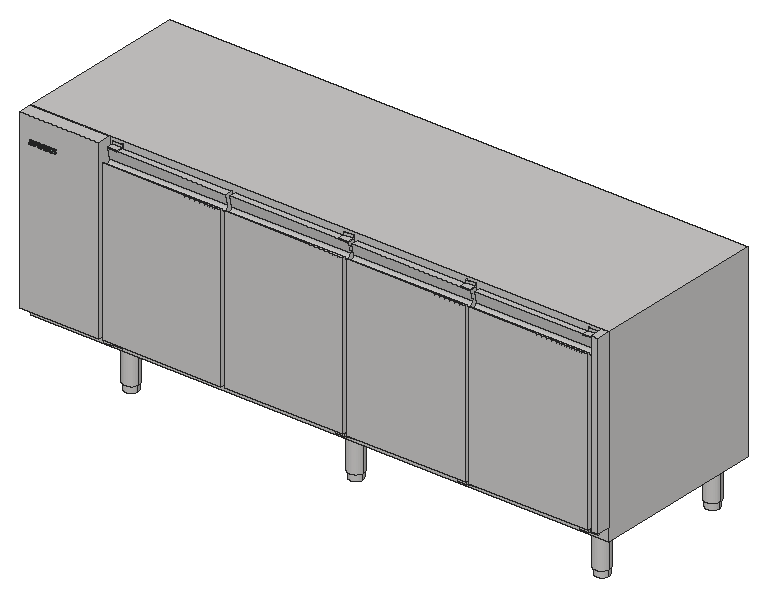
Revit family "QF_ALPENINOX_721080_AK4R7AAAA", category Attrezzature speciali, Revit 2018 (continued)
Definition of nested family "HPC_APX_BI_TN_L"
  Lines and regions (mm)
    Split face 120
      outline origin (110, -951.3, 50) x (1, 0, 0) y (0, 1, 0)
        loop
          line (-218.464, 599.474) -> (-176.464, 599.474)
          arc (-176.464, 599.474) -> (-172.464, 603.474) -> (-176.464, 607.474) r 4
          line (-176.464, 607.474) -> (-218.464, 607.474)
    Split face 121
      outline origin (220, -951.3, 50) x (1, 0, 0) y (0, 1, 0)
        loop
          arc (-273.464, 607.474) -> (-277.464, 603.474) -> (-273.464, 599.474) r 4
          line (-273.464, 599.474) -> (-231.464, 599.474)
          arc (-231.464, 599.474) -> (-227.464, 603.474) -> (-231.464, 607.474) r 4
          line (-231.464, 607.474) -> (-273.464, 607.474)
    Split face 122
      outline origin (0, -975.3, 50) x (1, 0, 0) y (0, 1, 0)
        loop
          arc (-163.464, 619.474) -> (-167.464, 615.474) -> (-163.464, 611.474) r 4
          line (-163.464, 611.474) -> (-121.464, 611.474)
          arc (-121.464, 611.474) -> (-117.464, 615.474) -> (-121.464, 619.474) r 4
          line (-121.464, 619.474) -> (-163.464, 619.474)
    Split face 123
      outline origin (330, -975.3, 50) x (1, 0, 0) y (0, 1, 0)
        loop
          arc (-328.464, 619.474) -> (-332.464, 615.474) -> (-328.464, 611.474) r 4
          line (-328.464, 611.474) -> (-286.464, 611.474)
          arc (-286.464, 611.474) -> (-282.464, 615.474) -> (-286.464, 619.474) r 4
          line (-286.464, 619.474) -> (-328.464, 619.474)
    Split face 124
      outline origin (110, -975.3, 50) x (1, 0, 0) y (0, 1, 0)
        loop
          arc (-218.464, 619.474) -> (-222.464, 615.474) -> (-218.464, 611.474) r 4
          line (-218.464, 611.474) -> (-176.464, 611.474)
          arc (-176.464, 611.474) -> (-172.464, 615.474) -> (-176.464, 619.474) r 4
          line (-176.464, 619.474) -> (-218.464, 619.474)
    Split face 125
      outline origin (220, -975.3, 50) x (1, 0, 0) y (0, 1, 0)
        loop
          arc (-273.464, 619.474) -> (-277.464, 615.474) -> (-273.464, 611.474) r 4
          line (-273.464, 611.474) -> (-231.464, 611.474)
          arc (-231.464, 611.474) -> (-227.464, 615.474) -> (-231.464, 619.474) r 4
          line (-231.464, 619.474) -> (-273.464, 619.474)
    Split face 126
      outline origin (0, -999.3, 50) x (1, 0, 0) y (0, 1, 0)
        loop
          arc (-163.464, 631.474) -> (-167.464, 627.474) -> (-163.464, 623.474) r 4
          line (-163.464, 623.474) -> (-121.464, 623.474)
          arc (-121.464, 623.474) -> (-117.464, 627.474) -> (-121.464, 631.474) r 4
          line (-121.464, 631.474) -> (-163.464, 631.474)
    Split face 127
      outline origin (330, -999.3, 50) x (1, 0, 0) y (0, 1, 0)
        loop
          arc (-328.464, 631.474) -> (-332.464, 627.474) -> (-328.464, 623.474) r 4
          line (-328.464, 623.474) -> (-286.464, 623.474)
          arc (-286.464, 623.474) -> (-282.464, 627.474) -> (-286.464, 631.474) r 4
          line (-286.464, 631.474) -> (-328.464, 631.474)
    Split face 128
      outline origin (110, -999.3, 50) x (1, 0, 0) y (0, 1, 0)
        loop
          arc (-218.464, 631.474) -> (-222.464, 627.474) -> (-218.464, 623.474) r 4
          line (-218.464, 623.474) -> (-176.464, 623.474)
          arc (-176.464, 623.474) -> (-172.464, 627.474) -> (-176.464, 631.474) r 4
          line (-176.464, 631.474) -> (-218.464, 631.474)
    Split face 129
      outline origin (220, -999.3, 50) x (1, 0, 0) y (0, 1, 0)
        loop
          arc (-273.464, 631.474) -> (-277.464, 627.474) -> (-273.464, 623.474) r 4
          line (-273.464, 623.474) -> (-231.464, 623.474)
          arc (-231.464, 623.474) -> (-227.464, 627.474) -> (-231.464, 631.474) r 4
          line (-231.464, 631.474) -> (-273.464, 631.474)
    Split face 130
      outline origin (0, -1023.3, 50) x (1, 0, 0) y (0, 1, 0)
        loop
          arc (-163.464, 643.474) -> (-167.464, 639.474) -> (-163.464, 635.474) r 4
          line (-163.464, 635.474) -> (-121.464, 635.474)
          arc (-121.464, 635.474) -> (-117.464, 639.474) -> (-121.464, 643.474) r 4
          line (-121.464, 643.474) -> (-163.464, 643.474)
    Split face 131
      outline origin (330, -1023.3, 50) x (1, 0, 0) y (0, 1, 0)
        loop
          arc (-328.464, 643.474) -> (-332.464, 639.474) -> (-328.464, 635.474) r 4
          line (-328.464, 635.474) -> (-286.464, 635.474)
          arc (-286.464, 635.474) -> (-282.464, 639.474) -> (-286.464, 643.474) r 4
          line (-286.464, 643.474) -> (-328.464, 643.474)
    Split face 132
      outline origin (110, -1023.3, 50) x (1, 0, 0) y (0, 1, 0)
        loop
          arc (-218.464, 643.474) -> (-222.464, 639.474) -> (-218.464, 635.474) r 4
          line (-218.464, 635.474) -> (-176.464, 635.474)
          arc (-176.464, 635.474) -> (-172.464, 639.474) -> (-176.464, 643.474) r 4
          line (-176.464, 643.474) -> (-218.464, 643.474)
    Split face 133
      outline origin (220, -1023.3, 50) x (1, 0, 0) y (0, 1, 0)
        loop
          arc (-273.464, 643.474) -> (-277.464, 639.474) -> (-273.464, 635.474) r 4
          line (-273.464, 635.474) -> (-231.464, 635.474)
          arc (-231.464, 635.474) -> (-227.464, 639.474) -> (-231.464, 643.474) r 4
          line (-231.464, 643.474) -> (-273.464, 643.474)
    symbolic lines
      curve 1: line (87.08, -74, 50) -> (87.08, -74, 0)
  Dimensions and locks
    equal spacing: plane 6, plane 1 "Center (Front/Back)", plane 7
    equal spacing: plane 4, plane 3 "Center (Left/Right)", plane 5
    aligned and locked: plane 2 to Extrusion 1
    aligned and locked: level to Extrusion 1
  Automatic sketch dimensions
    Split face 5 sketch curve to Split face 5 sketch curve = 42 mm
    Split face 5 sketch curve to Split face 5 sketch curve = 4 mm
    Split face 6 sketch curve to Split face 6 sketch curve = 42 mm
    Split face 6 sketch curve to Split face 6 sketch curve = 4 mm
    Split face 7 sketch curve to Split face 7 sketch curve = 42 mm
    Split face 7 sketch curve to Split face 7 sketch curve = 4 mm
    Split face 8 sketch curve to Split face 8 sketch curve = 42 mm
    Split face 8 sketch curve to Split face 8 sketch curve = 4 mm
    Split face 9 sketch curve to Split face 9 sketch curve = 42 mm
    Split face 9 sketch curve to Split face 9 sketch curve = 4 mm
    Split face 10 sketch curve to Split face 10 sketch curve = 42 mm
    Split face 10 sketch curve to Split face 10 sketch curve = 4 mm
    Split face 11 sketch curve to Split face 11 sketch curve = 42 mm
    Split face 11 sketch curve to Split face 11 sketch curve = 4 mm
    Split face 12 sketch curve to Split face 12 sketch curve = 42 mm
    Split face 12 sketch curve to Split face 12 sketch curve = 4 mm
    Split face 13 sketch curve to Split face 13 sketch curve = 42 mm
    Split face 13 sketch curve to Split face 13 sketch curve = 4 mm
    Split face 14 sketch curve to Split face 14 sketch curve = 42 mm
    Split face 14 sketch curve to Split face 14 sketch curve = 4 mm
    Split face 15 sketch curve to Split face 15 sketch curve = 42 mm
    Split face 15 sketch curve to Split face 15 sketch curve = 4 mm
    Split face 16 sketch curve to Split face 16 sketch curve = 42 mm
    Split face 16 sketch curve to Split face 16 sketch curve = 4 mm
    Split face 17 sketch curve to Split face 17 sketch curve = 42 mm
    Split face 17 sketch curve to Split face 17 sketch curve = 4 mm
    Split face 18 sketch curve to Split face 18 sketch curve = 42 mm
    Split face 18 sketch curve to Split face 18 sketch curve = 4 mm
    Split face 19 sketch curve to Split face 19 sketch curve = 42 mm
    Split face 19 sketch curve to Split face 19 sketch curve = 4 mm
    Split face 20 sketch curve to Split face 20 sketch curve = 42 mm
    Split face 20 sketch curve to Split face 20 sketch curve = 4 mm
    Split face 21 sketch curve to Split face 21 sketch curve = 42 mm
    Split face 21 sketch curve to Split face 21 sketch curve = 4 mm
    Split face 22 sketch curve to Split face 22 sketch curve = 42 mm
    Split face 22 sketch curve to Split face 22 sketch curve = 4 mm
    Split face 23 sketch curve to Split face 23 sketch curve = 42 mm
    Split face 23 sketch curve to Split face 23 sketch curve = 4 mm
    Split face 24 sketch curve to Split face 24 sketch curve = 42 mm
    Split face 24 sketch curve to Split face 24 sketch curve = 4 mm
    Split face 25 sketch curve to Split face 25 sketch curve = 42 mm
    Split face 25 sketch curve to Split face 25 sketch curve = 4 mm
    Split face 26 sketch curve to Split face 26 sketch curve = 42 mm
    Split face 26 sketch curve to Split face 26 sketch curve = 4 mm
    Split face 27 sketch curve to Split face 27 sketch curve = 42 mm
    Split face 27 sketch curve to Split face 27 sketch curve = 4 mm
    Split face 28 sketch curve to Split face 28 sketch curve = 42 mm
    Split face 28 sketch curve to Split face 28 sketch curve = 4 mm
    Split face 29 sketch curve to Split face 29 sketch curve = 42 mm
    Split face 29 sketch curve to Split face 29 sketch curve = 4 mm
    Split face 30 sketch curve to Split face 30 sketch curve = 42 mm
    Split face 30 sketch curve to Split face 30 sketch curve = 4 mm
    Split face 31 sketch curve to Split face 31 sketch curve = 42 mm
    Split face 31 sketch curve to Split face 31 sketch curve = 4 mm
    Split face 32 sketch curve to Split face 32 sketch curve = 42 mm
    Split face 32 sketch curve to Split face 32 sketch curve = 4 mm
    Split face 33 sketch curve to Split face 33 sketch curve = 42 mm
    Split face 33 sketch curve to Split face 33 sketch curve = 4 mm
    Split face 34 sketch curve to Split face 34 sketch curve = 42 mm
    Split face 34 sketch curve to Split face 34 sketch curve = 4 mm
    Split face 35 sketch curve to Split face 35 sketch curve = 42 mm
    Split face 35 sketch curve to Split face 35 sketch curve = 4 mm
    Split face 36 sketch curve to Split face 36 sketch curve = 42 mm
    Split face 36 sketch curve to Split face 36 sketch curve = 4 mm
    Split face 37 sketch curve to Split face 37 sketch curve = 42 mm
    Split face 37 sketch curve to Split face 37 sketch curve = 4 mm
    Split face 38 sketch curve to Split face 38 sketch curve = 42 mm
    Split face 38 sketch curve to Split face 38 sketch curve = 4 mm
    Split face 39 sketch curve to Split face 39 sketch curve = 42 mm
    Split face 39 sketch curve to Split face 39 sketch curve = 4 mm
    Split face 40 sketch curve to Split face 40 sketch curve = 42 mm
    Split face 40 sketch curve to Split face 40 sketch curve = 4 mm
    Split face 41 sketch curve to Split face 41 sketch curve = 42 mm
    Split face 41 sketch curve to Split face 41 sketch curve = 4 mm
    Split face 42 sketch curve to Split face 42 sketch curve = 42 mm
    Split face 42 sketch curve to Split face 42 sketch curve = 4 mm
    Split face 43 sketch curve to Split face 43 sketch curve = 42 mm
    Split face 43 sketch curve to Split face 43 sketch curve = 4 mm
    Split face 44 sketch curve to Split face 44 sketch curve = 42 mm
    Split face 44 sketch curve to Split face 44 sketch curve = 4 mm
    Split face 45 sketch curve to Split face 45 sketch curve = 42 mm
    Split face 45 sketch curve to Split face 45 sketch curve = 4 mm
    Split face 46 sketch curve to Split face 46 sketch curve = 42 mm
    Split face 46 sketch curve to Split face 46 sketch curve = 4 mm
    Split face 47 sketch curve to Split face 47 sketch curve = 42 mm
    Split face 47 sketch curve to Split face 47 sketch curve = 4 mm
    Split face 48 sketch curve to Split face 48 sketch curve = 42 mm
    Split face 48 sketch curve to Split face 48 sketch curve = 4 mm
    Split face 49 sketch curve to Split face 49 sketch curve = 42 mm
    Split face 49 sketch curve to Split face 49 sketch curve = 4 mm
    Split face 50 sketch curve to Split face 50 sketch curve = 42 mm
    Split face 50 sketch curve to Split face 50 sketch curve = 4 mm
    Split face 51 sketch curve to Split face 51 sketch curve = 42 mm
    Split face 51 sketch curve to Split face 51 sketch curve = 4 mm
    Split face 52 sketch curve to Split face 52 sketch curve = 42 mm
    Split face 52 sketch curve to Split face 52 sketch curve = 4 mm
    Split face 53 sketch curve to Split face 53 sketch curve = 42 mm
    Split face 53 sketch curve to Split face 53 sketch curve = 4 mm
    Split face 54 sketch curve to Split face 54 sketch curve = 42 mm
    Split face 54 sketch curve to Split face 54 sketch curve = 4 mm
    Split face 55 sketch curve to Split face 55 sketch curve = 42 mm
    Split face 55 sketch curve to Split face 55 sketch curve = 4 mm
    Split face 56 sketch curve to Split face 56 sketch curve = 42 mm
    Split face 56 sketch curve to Split face 56 sketch curve = 4 mm
    Split face 57 sketch curve to Split face 57 sketch curve = 42 mm
    Split face 57 sketch curve to Split face 57 sketch curve = 4 mm
    Split face 58 sketch curve to Split face 58 sketch curve = 42 mm
    Split face 58 sketch curve to Split face 58 sketch curve = 4 mm
    Split face 59 sketch curve to Split face 59 sketch curve = 42 mm
    Split face 59 sketch curve to Split face 59 sketch curve = 4 mm
    Split face 60 sketch curve to Split face 60 sketch curve = 42 mm
    Split face 60 sketch curve to Split face 60 sketch curve = 4 mm
    Split face 61 sketch curve to Split face 61 sketch curve = 42 mm
    Split face 61 sketch curve to Split face 61 sketch curve = 4 mm
    Split face 62 sketch curve to Split face 62 sketch curve = 42 mm
    Split face 62 sketch curve to Split face 62 sketch curve = 4 mm
    Split face 63 sketch curve to Split face 63 sketch curve = 42 mm
    Split face 63 sketch curve to Split face 63 sketch curve = 4 mm
    Split face 64 sketch curve to Split face 64 sketch curve = 42 mm
    Split face 64 sketch curve to Split face 64 sketch curve = 4 mm
    Split face 65 sketch curve to Split face 65 sketch curve = 42 mm
    Split face 65 sketch curve to Split face 65 sketch curve = 4 mm
    Split face 66 sketch curve to Split face 66 sketch curve = 42 mm
    Split face 66 sketch curve to Split face 66 sketch curve = 4 mm
    Split face 67 sketch curve to Split face 67 sketch curve = 42 mm
    Split face 67 sketch curve to Split face 67 sketch curve = 4 mm
    Split face 68 sketch curve to Split face 68 sketch curve = 42 mm
    Split face 68 sketch curve to Split face 68 sketch curve = 4 mm
    Split face 70 sketch curve to Split face 70 sketch curve = 42 mm
    Split face 70 sketch curve to Split face 70 sketch curve = 4 mm
    Split face 71 sketch curve to Split face 71 sketch curve = 42 mm
    Split face 71 sketch curve to Split face 71 sketch curve = 4 mm
    Split face 72 sketch curve to Split face 72 sketch curve = 42 mm
    Split face 72 sketch curve to Split face 72 sketch curve = 4 mm
    Split face 73 sketch curve to Split face 73 sketch curve = 42 mm
    Split face 73 sketch curve to Split face 73 sketch curve = 4 mm
    Split face 74 sketch curve to Split face 74 sketch curve = 42 mm
    Split face 74 sketch curve to Split face 74 sketch curve = 4 mm
    Split face 75 sketch curve to Split face 75 sketch curve = 42 mm
    Split face 75 sketch curve to Split face 75 sketch curve = 4 mm
    Split face 76 sketch curve to Split face 76 sketch curve = 42 mm
    Split face 76 sketch curve to Split face 76 sketch curve = 4 mm
    Split face 77 sketch curve to Split face 77 sketch curve = 42 mm
    Split face 77 sketch curve to Split face 77 sketch curve = 4 mm
    Split face 78 sketch curve to Split face 78 sketch curve = 42 mm
    Split face 78 sketch curve to Split face 78 sketch curve = 4 mm
    Split face 79 sketch curve to Split face 79 sketch curve = 42 mm
    Split face 79 sketch curve to Split face 79 sketch curve = 4 mm
    Split face 80 sketch curve to Split face 80 sketch curve = 42 mm
    Split face 80 sketch curve to Split face 80 sketch curve = 4 mm
    Split face 81 sketch curve to Split face 81 sketch curve = 42 mm
    Split face 81 sketch curve to Split face 81 sketch curve = 4 mm
    Split face 82 sketch curve to Split face 82 sketch curve = 42 mm
    Split face 82 sketch curve to Split face 82 sketch curve = 4 mm
    Split face 83 sketch curve to Split face 83 sketch curve = 42 mm
    Split face 83 sketch curve to Split face 83 sketch curve = 4 mm
    Split face 84 sketch curve to Split face 84 sketch curve = 42 mm
    Split face 84 sketch curve to Split face 84 sketch curve = 4 mm
    Split face 85 sketch curve to Split face 85 sketch curve = 42 mm
    Split face 85 sketch curve to Split face 85 sketch curve = 4 mm
    Split face 86 sketch curve to Split face 86 sketch curve = 42 mm
    Split face 86 sketch curve to Split face 86 sketch curve = 4 mm
    Split face 87 sketch curve to Split face 87 sketch curve = 42 mm
    Split face 87 sketch curve to Split face 87 sketch curve = 4 mm
    Split face 88 sketch curve to Split face 88 sketch curve = 42 mm
    Split face 88 sketch curve to Split face 88 sketch curve = 4 mm
    Split face 89 sketch curve to Split face 89 sketch curve = 42 mm
    Split face 89 sketch curve to Split face 89 sketch curve = 4 mm
    Split face 90 sketch curve to Split face 90 sketch curve = 42 mm
    Split face 90 sketch curve to Split face 90 sketch curve = 4 mm
    Split face 91 sketch curve to Split face 91 sketch curve = 42 mm
    Split face 91 sketch curve to Split face 91 sketch curve = 4 mm
    Split face 92 sketch curve to Split face 92 sketch curve = 42 mm
    Split face 92 sketch curve to Split face 92 sketch curve = 4 mm
    Split face 93 sketch curve to Split face 93 sketch curve = 42 mm
    Split face 93 sketch curve to Split face 93 sketch curve = 4 mm
    Split face 94 sketch curve to Split face 94 sketch curve = 42 mm
    Split face 94 sketch curve to Split face 94 sketch curve = 4 mm
    Split face 95 sketch curve to Split face 95 sketch curve = 42 mm
    Split face 95 sketch curve to Split face 95 sketch curve = 4 mm
    Split face 96 sketch curve to Split face 96 sketch curve = 42 mm
    Split face 96 sketch curve to Split face 96 sketch curve = 4 mm
    Split face 97 sketch curve to Split face 97 sketch curve = 42 mm
    Split face 97 sketch curve to Split face 97 sketch curve = 4 mm
    Split face 98 sketch curve to Split face 98 sketch curve = 42 mm
    Split face 98 sketch curve to Split face 98 sketch curve = 4 mm
    Split face 99 sketch curve to Split face 99 sketch curve = 42 mm
    Split face 99 sketch curve to Split face 99 sketch curve = 4 mm
    Split face 100 sketch curve to Split face 100 sketch curve = 42 mm
    Split face 100 sketch curve to Split face 100 sketch curve = 4 mm
    Split face 101 sketch curve to Split face 101 sketch curve = 42 mm
    Split face 101 sketch curve to Split face 101 sketch curve = 4 mm
    Split face 102 sketch curve to Split face 102 sketch curve = 42 mm
    Split face 102 sketch curve to Split face 102 sketch curve = 4 mm
    Split face 103 sketch curve to Split face 103 sketch curve = 42 mm
    Split face 103 sketch curve to Split face 103 sketch curve = 4 mm
    Split face 104 sketch curve to Split face 104 sketch curve = 42 mm
    Split face 104 sketch curve to Split face 104 sketch curve = 4 mm
    Split face 105 sketch curve to Split face 105 sketch curve = 42 mm
    Split face 105 sketch curve to Split face 105 sketch curve = 4 mm
    Split face 106 sketch curve to Split face 106 sketch curve = 42 mm
    Split face 106 sketch curve to Split face 106 sketch curve = 4 mm
    Split face 107 sketch curve to Split face 107 sketch curve = 42 mm
    Split face 107 sketch curve to Split face 107 sketch curve = 4 mm
    Split face 108 sketch curve to Split face 108 sketch curve = 42 mm
    Split face 108 sketch curve to Split face 108 sketch curve = 4 mm
    Split face 109 sketch curve to Split face 109 sketch curve = 42 mm
    Split face 109 sketch curve to Split face 109 sketch curve = 4 mm
    Split face 110 sketch curve to Split face 110 sketch curve = 42 mm
    Split face 110 sketch curve to Split face 110 sketch curve = 4 mm
    Split face 111 sketch curve to Split face 111 sketch curve = 42 mm
    Split face 111 sketch curve to Split face 111 sketch curve = 4 mm
    Split face 112 sketch curve to Split face 112 sketch curve = 42 mm
    Split face 112 sketch curve to Split face 112 sketch curve = 4 mm
    Split face 113 sketch curve to Split face 113 sketch curve = 42 mm
    Split face 113 sketch curve to Split face 113 sketch curve = 4 mm
    Split face 114 sketch curve to Split face 114 sketch curve = 42 mm
    Split face 114 sketch curve to Split face 114 sketch curve = 4 mm
    Split face 115 sketch curve to Split face 115 sketch curve = 42 mm
    Split face 115 sketch curve to Split face 115 sketch curve = 4 mm
    Split face 116 sketch curve to Split face 116 sketch curve = 42 mm
    Split face 116 sketch curve to Split face 116 sketch curve = 4 mm
    Split face 117 sketch curve to Split face 117 sketch curve = 42 mm
    Split face 117 sketch curve to Split face 117 sketch curve = 4 mm
    Split face 118 sketch curve to Split face 118 sketch curve = 42 mm
    Split face 118 sketch curve to Split face 118 sketch curve = 4 mm
    Split face 119 sketch curve to Split face 119 sketch curve = 42 mm
    Split face 119 sketch curve to Split face 119 sketch curve = 4 mm
    Split face 120 sketch curve to Split face 120 sketch curve = 42 mm
    Split face 120 sketch curve to Split face 120 sketch curve = 4 mm
    Split face 121 sketch curve to Split face 121 sketch curve = 42 mm
    Split face 121 sketch curve to Split face 121 sketch curve = 4 mm
    Split face 122 sketch curve to Split face 122 sketch curve = 42 mm
    Split face 122 sketch curve to Split face 122 sketch curve = 4 mm
    Split face 123 sketch curve to Split face 123 sketch curve = 42 mm
    Split face 123 sketch curve to Split face 123 sketch curve = 4 mm
    Split face 124 sketch curve to Split face 124 sketch curve = 42 mm
    Split face 124 sketch curve to Split face 124 sketch curve = 4 mm
    Split face 125 sketch curve to Split face 125 sketch curve = 42 mm
    Split face 125 sketch curve to Split face 125 sketch curve = 4 mm
    Split face 126 sketch curve to Split face 126 sketch curve = 42 mm
    Split face 126 sketch curve to Split face 126 sketch curve = 4 mm
    Split face 127 sketch curve to Split face 127 sketch curve = 42 mm
    Split face 127 sketch curve to Split face 127 sketch curve = 4 mm
    Split face 128 sketch curve to Split face 128 sketch curve = 42 mm
    Split face 128 sketch curve to Split face 128 sketch curve = 4 mm
    Split face 129 sketch curve to Split face 129 sketch curve = 42 mm
    Split face 129 sketch curve to Split face 129 sketch curve = 4 mm
    Split face 130 sketch curve to Split face 130 sketch curve = 42 mm
    Split face 130 sketch curve to Split face 130 sketch curve = 4 mm
    Split face 131 sketch curve to Split face 131 sketch curve = 42 mm
    Split face 131 sketch curve to Split face 131 sketch curve = 4 mm
    Split face 132 sketch curve to Split face 132 sketch curve = 42 mm
    Split face 132 sketch curve to Split face 132 sketch curve = 4 mm
    Split face 133 sketch curve to Split face 133 sketch curve = 42 mm
    Split face 133 sketch curve to Split face 133 sketch curve = 4 mm
    Extrusion 1 sketch curve to Extrusion 1 sketch curve = 2438.4 mm  (x2)
    Extrusion 2 sketch curve to plane 4 = 0 mm
    Extrusion 2 sketch curve to plane 5 = 0 mm
    Extrusion 2 sketch curve to plane 7 = 0 mm
    Extrusion 2 sketch curve to plane 6 = 0 mm
    Split face 1 sketch curve to Extrusion 2 = 0 mm  (x2)
    Split face 1 sketch curve to Extrusion 2 = 34 mm
    Split face 1 sketch curve to Extrusion 2 = 104 mm
    Split face 1 sketch curve to Split face 1 sketch curve = 17.5 mm
    Split face 2 sketch curve to Extrusion 2 = 130.5 mm
    Split face 2 sketch curve to Extrusion 2 = 60.5 mm
    Split face 2 sketch curve to Extrusion 2 = 98 mm
    Split face 2 sketch curve to Split face 2 sketch curve = 23 mm
    Split face 3 sketch curve to Extrusion 2 = 80.5 mm
    Split face 3 sketch curve to Split face 3 sketch curve = 17 mm  (x2)
    Split face 3 sketch curve to Extrusion 2 = 95 mm
    plane 4 to Extrusion 3 sketch curve = 34.51 mm
    Extrusion 3 sketch curve to Extrusion 3 sketch curve = 1.266 mm
    Extrusion 3 sketch curve to Extrusion 3 sketch curve = 1.307 mm
    Extrusion 3 sketch curve to Extrusion 3 sketch curve = 0.57 mm
    Extrusion 3 sketch curve to Extrusion 3 sketch curve = 0.593 mm
    Extrusion 3 sketch curve to Extrusion 3 sketch curve = 0.799 mm
    Extrusion 3 sketch curve to Extrusion 3 sketch curve = 1.99 mm  (x2)
    Extrusion 3 sketch curve to Extrusion 3 sketch curve = 0.003 mm
    Extrusion 3 sketch curve to Extrusion 3 sketch curve = 3.534 mm
    Extrusion 3 sketch curve to Extrusion 3 sketch curve = 0.835 mm
    Extrusion 3 sketch curve to Extrusion 3 sketch curve = 0.56 mm
    Extrusion 3 sketch curve to Extrusion 3 sketch curve = 1.268 mm
    Extrusion 3 sketch curve to Extrusion 3 sketch curve = 1.223 mm
    Extrusion 3 sketch curve to Extrusion 3 sketch curve = 1.344 mm
    Extrusion 3 sketch curve to Extrusion 3 sketch curve = 1.394 mm  (x2)
    Extrusion 3 sketch curve to Extrusion 3 sketch curve = 1.512 mm
    Extrusion 3 sketch curve to Extrusion 3 sketch curve = 3.309 mm
    Extrusion 3 sketch curve to Extrusion 3 sketch curve = 5.841 mm
    Extrusion 3 sketch curve to Extrusion 3 sketch curve = 1.393 mm
    Extrusion 3 sketch curve to Extrusion 3 sketch curve = 1.439 mm
    Extrusion 3 sketch curve to Extrusion 3 sketch curve = 0 mm  (x19)
    Extrusion 3 sketch curve to Extrusion 3 sketch curve = 1.902 mm
    Extrusion 3 sketch curve to Extrusion 3 sketch curve = 0.052 mm
    Extrusion 3 sketch curve to Extrusion 3 sketch curve = 2.065 mm
    Extrusion 3 sketch curve to Extrusion 3 sketch curve = 0.647 mm
    Extrusion 3 sketch curve to Extrusion 3 sketch curve = 8.079 mm
    Extrusion 3 sketch curve to Extrusion 3 sketch curve = 0.073 mm
    Extrusion 3 sketch curve to Extrusion 3 sketch curve = 2.145 mm
    Extrusion 3 sketch curve to Extrusion 3 sketch curve = 2.931 mm
    Extrusion 3 sketch curve to Extrusion 3 sketch curve = 0.213 mm
    Extrusion 3 sketch curve to Extrusion 3 sketch curve = 0.026 mm
    Extrusion 3 sketch curve to Extrusion 3 sketch curve = 0.263 mm
    Extrusion 3 sketch curve to Extrusion 3 sketch curve = 0.516 mm
    Extrusion 3 sketch curve to Extrusion 3 sketch curve = 0.356 mm
    Extrusion 3 sketch curve to Extrusion 3 sketch curve = 0.387 mm
    Extrusion 3 sketch curve to Extrusion 3 sketch curve = 2.378 mm
    Extrusion 3 sketch curve to Extrusion 3 sketch curve = 2.466 mm
    Extrusion 3 sketch curve to Extrusion 3 sketch curve = 0.602 mm
    Extrusion 3 sketch curve to Extrusion 3 sketch curve = 1.02 mm
    Extrusion 3 sketch curve to Extrusion 3 sketch curve = 0.949 mm
    Extrusion 3 sketch curve to Extrusion 3 sketch curve = 1.728 mm
    Extrusion 3 sketch curve to Extrusion 3 sketch curve = 0.157 mm  (x2)
    Extrusion 3 sketch curve to Extrusion 3 sketch curve = 0.292 mm
    Extrusion 3 sketch curve to Extrusion 3 sketch curve = 3.565 mm
    Extrusion 3 sketch curve to Extrusion 3 sketch curve = 1.396 mm  (x2)
    Extrusion 3 sketch curve to Extrusion 3 sketch curve = 1.418 mm  (x2)
    Extrusion 3 sketch curve to Extrusion 3 sketch curve = 1.151 mm  (x2)
    Extrusion 3 sketch curve to Extrusion 3 sketch curve = 5.709 mm  (x2)
    Extrusion 3 sketch curve to Extrusion 3 sketch curve = 0.224 mm  (x2)
    Extrusion 3 sketch curve to Extrusion 3 sketch curve = 1.149 mm  (x2)
    Extrusion 3 sketch curve to Extrusion 3 sketch curve = 1.395 mm  (x2)
    Extrusion 3 sketch curve to Extrusion 3 sketch curve = 1.744 mm
    Extrusion 3 sketch curve to Extrusion 3 sketch curve = 1.745 mm
    Extrusion 3 sketch curve to Extrusion 3 sketch curve = 6.963 mm
    Extrusion 3 sketch curve to Extrusion 3 sketch curve = 0.493 mm  (x3)
    Extrusion 3 sketch curve to Extrusion 3 sketch curve = 0.273 mm  (x2)
    Extrusion 3 sketch curve to Extrusion 3 sketch curve = 0.021 mm  (x2)
    Extrusion 3 sketch curve to Extrusion 3 sketch curve = 0.226 mm  (x2)
    Extrusion 3 sketch curve to Extrusion 3 sketch curve = 0.268 mm  (x2)
    Extrusion 3 sketch curve to Extrusion 3 sketch curve = 0.294 mm
    Extrusion 3 sketch curve to Extrusion 3 sketch curve = 5.238 mm
    Extrusion 3 sketch curve to Extrusion 3 sketch curve = 5.908 mm
    Extrusion 3 sketch curve to Extrusion 3 sketch curve = 1.109 mm  (x2)
    Extrusion 3 sketch curve to Extrusion 3 sketch curve = 1.108 mm  (x2)
    Extrusion 3 sketch curve to Extrusion 3 sketch curve = 1.142 mm  (x2)
    Extrusion 3 sketch curve to Extrusion 3 sketch curve = 1.216 mm  (x2)
    Extrusion 3 sketch curve to Extrusion 3 sketch curve = 3.013 mm
    Extrusion 3 sketch curve to Extrusion 3 sketch curve = 1.616 mm  (x3)
    Extrusion 3 sketch curve to Extrusion 3 sketch curve = 2.305 mm
    Extrusion 3 sketch curve to Extrusion 3 sketch curve = 3.049 mm
    Extrusion 3 sketch curve to plane 6 = 93.469 mm
    Extrusion 3 sketch curve to Extrusion 3 sketch curve = 0.498 mm
    Extrusion 3 sketch curve to Extrusion 3 sketch curve = 0.682 mm
    Extrusion 3 sketch curve to Extrusion 3 sketch curve = 0.664 mm
    Extrusion 3 sketch curve to Extrusion 3 sketch curve = 0.425 mm
    Extrusion 3 sketch curve to Extrusion 3 sketch curve = 0.41 mm
    Extrusion 3 sketch curve to Extrusion 3 sketch curve = 1.272 mm
    Extrusion 3 sketch curve to Extrusion 3 sketch curve = 0.789 mm  (x2)
    Extrusion 3 sketch curve to Extrusion 3 sketch curve = 0.056 mm
    Extrusion 3 sketch curve to Extrusion 3 sketch curve = 0.83 mm
    Extrusion 3 sketch curve to Extrusion 3 sketch curve = 1.238 mm
    Extrusion 3 sketch curve to Extrusion 3 sketch curve = 1.732 mm
    Extrusion 3 sketch curve to Extrusion 3 sketch curve = 0.346 mm
    Extrusion 3 sketch curve to Extrusion 3 sketch curve = 1.123 mm
    Extrusion 3 sketch curve to Extrusion 3 sketch curve = 3.023 mm
    Extrusion 3 sketch curve to Extrusion 3 sketch curve = 4.203 mm
    Extrusion 3 sketch curve to Extrusion 3 sketch curve = 3.452 mm  (x2)
    Extrusion 3 sketch curve to Extrusion 3 sketch curve = 2.544 mm
    Extrusion 3 sketch curve to Extrusion 3 sketch curve = 1.177 mm
    Extrusion 3 sketch curve to Extrusion 3 sketch curve = 3.261 mm
    Extrusion 3 sketch curve to Extrusion 3 sketch curve = 0.352 mm  (x2)
    Extrusion 3 sketch curve to Extrusion 3 sketch curve = 1.987 mm
    Extrusion 3 sketch curve to Extrusion 3 sketch curve = 0.171 mm
    Extrusion 3 sketch curve to Extrusion 3 sketch curve = 0.533 mm  (x3)
    Extrusion 3 sketch curve to Extrusion 3 sketch curve = 0.14 mm  (x4)
    Extrusion 3 sketch curve to Extrusion 3 sketch curve = 0.473 mm
    Extrusion 3 sketch curve to Extrusion 3 sketch curve = 0.31 mm  (x2)
    Extrusion 3 sketch curve to Extrusion 3 sketch curve = 0.075 mm
    Extrusion 3 sketch curve to Extrusion 3 sketch curve = 2.431 mm
    Extrusion 3 sketch curve to Extrusion 3 sketch curve = 2.32 mm  (x2)
    Extrusion 3 sketch curve to Extrusion 3 sketch curve = 1.992 mm
    Extrusion 3 sketch curve to Extrusion 3 sketch curve = 0.674 mm
    Extrusion 3 sketch curve to Extrusion 3 sketch curve = 0.732 mm
    Extrusion 3 sketch curve to Extrusion 3 sketch curve = 0.388 mm
    Extrusion 3 sketch curve to Extrusion 3 sketch curve = 0.121 mm
    Extrusion 3 sketch curve to Extrusion 3 sketch curve = 2.589 mm
    Extrusion 3 sketch curve to Extrusion 3 sketch curve = 0.662 mm
    Extrusion 3 sketch curve to Extrusion 3 sketch curve = 3.473 mm
    Extrusion 3 sketch curve to Extrusion 3 sketch curve = 0.681 mm
    Extrusion 3 sketch curve to Extrusion 3 sketch curve = 1.615 mm
    Extrusion 3 sketch curve to Extrusion 3 sketch curve = 0.34 mm
    Extrusion 3 sketch curve to Extrusion 3 sketch curve = 2.288 mm
    Extrusion 3 sketch curve to Extrusion 3 sketch curve = 0.942 mm
    Extrusion 3 sketch curve to Extrusion 3 sketch curve = 5.4 mm
    Extrusion 3 sketch curve to Extrusion 3 sketch curve = 1.768 mm  (x2)
    Extrusion 3 sketch curve to Extrusion 3 sketch curve = 0.761 mm
    Extrusion 3 sketch curve to Extrusion 3 sketch curve = 0.996 mm
    Extrusion 3 sketch curve to Extrusion 3 sketch curve = 3.543 mm  (x2)
    Extrusion 3 sketch curve to Extrusion 3 sketch curve = 7.017 mm
    Extrusion 3 sketch curve to Extrusion 3 sketch curve = 0.11 mm
    Extrusion 3 sketch curve to Extrusion 3 sketch curve = 0.823 mm  (x2)
    Extrusion 3 sketch curve to Extrusion 3 sketch curve = 0.947 mm
    Extrusion 3 sketch curve to Extrusion 3 sketch curve = 3.837 mm
    Extrusion 3 sketch curve to Extrusion 3 sketch curve = 0.623 mm
    Extrusion 3 sketch curve to Extrusion 3 sketch curve = 1.082 mm
    Extrusion 3 sketch curve to Extrusion 3 sketch curve = 0.801 mm
    Extrusion 3 sketch curve to Extrusion 3 sketch curve = 1 mm
    Extrusion 3 sketch curve to Extrusion 3 sketch curve = 0.089 mm
    Extrusion 3 sketch curve to Extrusion 3 sketch curve = 4.257 mm
    Extrusion 3 sketch curve to Extrusion 3 sketch curve = 4.345 mm  (x2)
    Extrusion 3 sketch curve to Extrusion 3 sketch curve = 2.576 mm
    Extrusion 3 sketch curve to Extrusion 3 sketch curve = 1.385 mm  (x4)
    Extrusion 3 sketch curve to Extrusion 3 sketch curve = 2.133 mm  (x4)
    Extrusion 3 sketch curve to Extrusion 3 sketch curve = 3.518 mm
    Extrusion 3 sketch curve to Extrusion 3 sketch curve = 5.603 mm
    Extrusion 3 sketch curve to Extrusion 3 sketch curve = 2.571 mm
    Split face 4 sketch curve to Extrusion 2 = 0 mm  (x2)
    Split face 4 sketch curve to Extrusion 2 = 64 mm
    Split face 69 sketch curve to Extrusion 2 = 0 mm  (x2)
    Split face 69 sketch curve to Extrusion 2 = 109 mm
    Split face 5 sketch curve to Extrusion 2 = 43.456 mm
    Split face 5 sketch curve to Extrusion 2 = 128.176 mm
    Split face 6 sketch curve to Extrusion 2 = 85.544 mm
    Split face 6 sketch curve to Extrusion 2 = 128.176 mm
    Split face 7 sketch curve to Extrusion 2 = 98.456 mm
    Split face 7 sketch curve to Extrusion 2 = 128.176 mm
    Split face 8 sketch curve to Extrusion 2 = 140.544 mm
    Split face 8 sketch curve to Extrusion 2 = 128.176 mm
    Split face 9 sketch curve to Extrusion 2 = 43.456 mm
    Split face 9 sketch curve to Extrusion 2 = 140.176 mm
    Split face 10 sketch curve to Extrusion 2 = 85.544 mm
    Split face 10 sketch curve to Extrusion 2 = 140.176 mm
    Split face 11 sketch curve to Extrusion 2 = 98.456 mm
    Split face 11 sketch curve to Extrusion 2 = 140.176 mm
    Split face 12 sketch curve to Extrusion 2 = 140.544 mm
    Split face 12 sketch curve to Extrusion 2 = 140.176 mm
    Split face 13 sketch curve to Extrusion 2 = 43.456 mm
    Split face 13 sketch curve to Extrusion 2 = 152.176 mm
    Split face 14 sketch curve to Extrusion 2 = 85.544 mm
    Split face 14 sketch curve to Extrusion 2 = 152.176 mm
    Split face 15 sketch curve to Extrusion 2 = 98.456 mm
    Split face 15 sketch curve to Extrusion 2 = 152.176 mm
    Split face 16 sketch curve to Extrusion 2 = 140.544 mm
    Split face 16 sketch curve to Extrusion 2 = 152.176 mm
    Split face 17 sketch curve to Extrusion 2 = 43.456 mm
    Split face 17 sketch curve to Extrusion 2 = 164.176 mm
    Split face 18 sketch curve to Extrusion 2 = 85.544 mm
    Split face 18 sketch curve to Extrusion 2 = 164.176 mm
    Split face 19 sketch curve to Extrusion 2 = 98.456 mm
    Split face 19 sketch curve to Extrusion 2 = 164.176 mm
    Split face 20 sketch curve to Extrusion 2 = 140.544 mm
    Split face 20 sketch curve to Extrusion 2 = 164.176 mm
    Split face 21 sketch curve to Extrusion 2 = 43.456 mm
    Split face 21 sketch curve to Extrusion 2 = 176.176 mm
    Split face 22 sketch curve to Extrusion 2 = 85.544 mm
    Split face 22 sketch curve to Extrusion 2 = 176.176 mm
    Split face 23 sketch curve to Extrusion 2 = 98.456 mm
    Split face 23 sketch curve to Extrusion 2 = 176.176 mm
    Split face 24 sketch curve to Extrusion 2 = 140.544 mm
    Split face 24 sketch curve to Extrusion 2 = 176.176 mm
    Split face 25 sketch curve to Extrusion 2 = 43.456 mm
    Split face 25 sketch curve to Extrusion 2 = 188.176 mm
    Split face 26 sketch curve to Extrusion 2 = 85.544 mm
    Split face 26 sketch curve to Extrusion 2 = 188.176 mm
    Split face 27 sketch curve to Extrusion 2 = 98.456 mm
    Split face 27 sketch curve to Extrusion 2 = 188.176 mm
    Split face 28 sketch curve to Extrusion 2 = 140.544 mm
    Split face 28 sketch curve to Extrusion 2 = 188.176 mm
    Split face 29 sketch curve to Extrusion 2 = 43.456 mm
    Split face 29 sketch curve to Extrusion 2 = 200.176 mm
    Split face 30 sketch curve to Extrusion 2 = 85.544 mm
    Split face 30 sketch curve to Extrusion 2 = 200.176 mm
    Split face 31 sketch curve to Extrusion 2 = 98.456 mm
    Split face 31 sketch curve to Extrusion 2 = 200.176 mm
    Split face 32 sketch curve to Extrusion 2 = 140.544 mm
    Split face 32 sketch curve to Extrusion 2 = 200.176 mm
    Split face 33 sketch curve to Extrusion 2 = 43.456 mm
    Split face 33 sketch curve to Extrusion 2 = 212.176 mm
    Split face 34 sketch curve to Extrusion 2 = 85.544 mm
    Split face 34 sketch curve to Extrusion 2 = 212.176 mm
    Split face 35 sketch curve to Extrusion 2 = 98.456 mm
    Split face 35 sketch curve to Extrusion 2 = 212.176 mm
    Split face 36 sketch curve to Extrusion 2 = 140.544 mm
    Split face 36 sketch curve to Extrusion 2 = 212.176 mm
    Split face 37 sketch curve to Extrusion 2 = 43.456 mm
    Split face 37 sketch curve to Extrusion 2 = 224.176 mm
    Split face 38 sketch curve to Extrusion 2 = 85.544 mm
    Split face 38 sketch curve to Extrusion 2 = 224.176 mm
    Split face 39 sketch curve to Extrusion 2 = 98.456 mm
    Split face 39 sketch curve to Extrusion 2 = 224.176 mm
    Split face 40 sketch curve to Extrusion 2 = 140.544 mm
    Split face 40 sketch curve to Extrusion 2 = 224.176 mm
    Split face 41 sketch curve to Extrusion 2 = 43.456 mm
    Split face 41 sketch curve to Extrusion 2 = 236.176 mm
    Split face 42 sketch curve to Extrusion 2 = 85.544 mm
    Split face 42 sketch curve to Extrusion 2 = 236.176 mm
    Split face 43 sketch curve to Extrusion 2 = 98.456 mm
    Split face 43 sketch curve to Extrusion 2 = 236.176 mm
    Split face 44 sketch curve to Extrusion 2 = 140.544 mm
    Split face 44 sketch curve to Extrusion 2 = 236.176 mm
    Split face 45 sketch curve to Extrusion 2 = 43.456 mm
    Split face 45 sketch curve to Extrusion 2 = 248.176 mm
    Split face 46 sketch curve to Extrusion 2 = 85.544 mm
    Split face 46 sketch curve to Extrusion 2 = 248.176 mm
    Split face 47 sketch curve to Extrusion 2 = 98.456 mm
    Split face 47 sketch curve to Extrusion 2 = 248.176 mm
    Split face 48 sketch curve to Extrusion 2 = 140.544 mm
    Split face 48 sketch curve to Extrusion 2 = 248.176 mm
    Split face 49 sketch curve to Extrusion 2 = 43.456 mm
    Split face 49 sketch curve to Extrusion 2 = 260.176 mm
    Split face 50 sketch curve to Extrusion 2 = 85.544 mm
    Split face 50 sketch curve to Extrusion 2 = 260.176 mm
    Split face 51 sketch curve to Extrusion 2 = 98.456 mm
    Split face 51 sketch curve to Extrusion 2 = 260.176 mm
    Split face 52 sketch curve to Extrusion 2 = 140.544 mm
    Split face 52 sketch curve to Extrusion 2 = 260.176 mm
    Split face 53 sketch curve to Extrusion 2 = 43.456 mm
    Split face 53 sketch curve to Extrusion 2 = 272.176 mm
    Split face 54 sketch curve to Extrusion 2 = 85.544 mm
    Split face 54 sketch curve to Extrusion 2 = 272.176 mm
    Split face 55 sketch curve to Extrusion 2 = 98.456 mm
    Split face 55 sketch curve to Extrusion 2 = 272.176 mm
    Split face 56 sketch curve to Extrusion 2 = 140.544 mm
    Split face 56 sketch curve to Extrusion 2 = 272.176 mm
    Split face 57 sketch curve to Extrusion 2 = 43.456 mm
    Split face 57 sketch curve to Extrusion 2 = 284.176 mm
    Split face 58 sketch curve to Extrusion 2 = 85.544 mm
    Split face 58 sketch curve to Extrusion 2 = 284.176 mm
    Split face 59 sketch curve to Extrusion 2 = 98.456 mm
    Split face 59 sketch curve to Extrusion 2 = 284.176 mm
    Split face 60 sketch curve to Extrusion 2 = 140.544 mm
    Split face 60 sketch curve to Extrusion 2 = 284.176 mm
    Split face 61 sketch curve to Extrusion 2 = 43.456 mm
    Split face 61 sketch curve to Extrusion 2 = 296.176 mm
    Split face 62 sketch curve to Extrusion 2 = 85.544 mm
    Split face 62 sketch curve to Extrusion 2 = 296.176 mm
    Split face 63 sketch curve to Extrusion 2 = 98.456 mm
    Split face 63 sketch curve to Extrusion 2 = 296.176 mm
    Split face 64 sketch curve to Extrusion 2 = 140.544 mm
    Split face 64 sketch curve to Extrusion 2 = 296.176 mm
    Split face 65 sketch curve to Extrusion 2 = 43.456 mm
    Split face 65 sketch curve to Extrusion 2 = 308.176 mm
    Split face 66 sketch curve to Extrusion 2 = 85.544 mm
    Split face 66 sketch curve to Extrusion 2 = 308.176 mm
    Split face 67 sketch curve to Extrusion 2 = 98.456 mm
    Split face 67 sketch curve to Extrusion 2 = 308.176 mm
    Split face 68 sketch curve to Extrusion 2 = 140.544 mm
    Split face 68 sketch curve to Extrusion 2 = 308.176 mm
    Split face 70 sketch curve to Extrusion 2 = 43.456 mm
    Split face 70 sketch curve to Extrusion 2 = 192.174 mm
    Split face 71 sketch curve to Extrusion 2 = 85.544 mm
    Split face 71 sketch curve to Extrusion 2 = 192.174 mm
    Split face 72 sketch curve to Extrusion 2 = 98.456 mm
    Split face 72 sketch curve to Extrusion 2 = 192.174 mm
    Split face 73 sketch curve to Extrusion 2 = 140.544 mm
    Split face 73 sketch curve to Extrusion 2 = 192.174 mm
    Split face 74 sketch curve to Extrusion 2 = 43.456 mm
    Split face 74 sketch curve to Extrusion 2 = 180.174 mm
    Split face 75 sketch curve to Extrusion 2 = 85.544 mm
    Split face 75 sketch curve to Extrusion 2 = 180.174 mm
    Split face 76 sketch curve to Extrusion 2 = 98.456 mm
    Split face 76 sketch curve to Extrusion 2 = 180.174 mm
    Split face 77 sketch curve to Extrusion 2 = 140.544 mm
    Split face 77 sketch curve to Extrusion 2 = 180.174 mm
    Split face 78 sketch curve to Extrusion 2 = 43.456 mm
    Split face 78 sketch curve to Extrusion 2 = 168.174 mm
    Split face 79 sketch curve to Extrusion 2 = 85.544 mm
    Split face 79 sketch curve to Extrusion 2 = 168.174 mm
    Split face 80 sketch curve to Extrusion 2 = 98.456 mm
    Split face 80 sketch curve to Extrusion 2 = 168.174 mm
    Split face 81 sketch curve to Extrusion 2 = 140.544 mm
    Split face 81 sketch curve to Extrusion 2 = 168.174 mm
    Split face 82 sketch curve to Extrusion 2 = 43.456 mm
    Split face 82 sketch curve to Extrusion 2 = 156.174 mm
    Split face 83 sketch curve to Extrusion 2 = 85.544 mm
    Split face 83 sketch curve to Extrusion 2 = 156.174 mm
    Split face 84 sketch curve to Extrusion 2 = 98.456 mm
    Split face 84 sketch curve to Extrusion 2 = 156.174 mm
    Split face 85 sketch curve to Extrusion 2 = 140.544 mm
    Split face 85 sketch curve to Extrusion 2 = 156.174 mm
    Split face 86 sketch curve to Extrusion 2 = 43.456 mm
    Split face 86 sketch curve to Extrusion 2 = 144.174 mm
    Split face 87 sketch curve to Extrusion 2 = 85.544 mm
    Split face 87 sketch curve to Extrusion 2 = 144.174 mm
    Split face 88 sketch curve to Extrusion 2 = 98.456 mm
    Split face 88 sketch curve to Extrusion 2 = 144.174 mm
    Split face 89 sketch curve to Extrusion 2 = 140.544 mm
    Split face 89 sketch curve to Extrusion 2 = 144.174 mm
    Split face 90 sketch curve to Extrusion 2 = 43.456 mm
    Split face 90 sketch curve to Extrusion 2 = 132.174 mm
    Split face 91 sketch curve to Extrusion 2 = 85.544 mm
    Split face 91 sketch curve to Extrusion 2 = 132.174 mm
    Split face 92 sketch curve to Extrusion 2 = 98.456 mm
    Split face 92 sketch curve to Extrusion 2 = 132.174 mm
    Split face 93 sketch curve to Extrusion 2 = 140.544 mm
    Split face 93 sketch curve to Extrusion 2 = 132.174 mm
    Split face 94 sketch curve to Extrusion 2 = 43.456 mm
    Split face 94 sketch curve to Extrusion 2 = 120.174 mm
    Split face 95 sketch curve to Extrusion 2 = 85.544 mm
    Split face 95 sketch curve to Extrusion 2 = 120.174 mm
    Split face 96 sketch curve to Extrusion 2 = 98.456 mm
    Split face 96 sketch curve to Extrusion 2 = 120.174 mm
    Split face 97 sketch curve to Extrusion 2 = 140.544 mm
    Split face 97 sketch curve to Extrusion 2 = 120.174 mm
    Split face 98 sketch curve to Extrusion 2 = 43.456 mm
    Split face 98 sketch curve to Extrusion 2 = 108.174 mm
    Split face 99 sketch curve to Extrusion 2 = 85.544 mm
    Split face 99 sketch curve to Extrusion 2 = 108.174 mm
    Split face 100 sketch curve to Extrusion 2 = 98.456 mm
    Split face 100 sketch curve to Extrusion 2 = 108.174 mm
    Split face 101 sketch curve to Extrusion 2 = 140.544 mm
    Split face 101 sketch curve to Extrusion 2 = 108.174 mm
    Split face 102 sketch curve to Extrusion 2 = 43.456 mm
    Split face 102 sketch curve to Extrusion 2 = 96.174 mm
    Split face 103 sketch curve to Extrusion 2 = 85.544 mm
    Split face 103 sketch curve to Extrusion 2 = 96.174 mm
    Split face 104 sketch curve to Extrusion 2 = 98.456 mm
    Split face 104 sketch curve to Extrusion 2 = 96.174 mm
    Split face 105 sketch curve to Extrusion 2 = 140.544 mm
    Split face 105 sketch curve to Extrusion 2 = 96.174 mm
    Split face 106 sketch curve to Extrusion 2 = 43.456 mm
    Split face 106 sketch curve to Extrusion 2 = 84.174 mm
    Split face 107 sketch curve to Extrusion 2 = 85.544 mm
    Split face 107 sketch curve to Extrusion 2 = 84.174 mm
    Split face 108 sketch curve to Extrusion 2 = 98.456 mm
    Split face 108 sketch curve to Extrusion 2 = 84.174 mm
    Split face 109 sketch curve to Extrusion 2 = 140.544 mm
    Split face 109 sketch curve to Extrusion 2 = 84.174 mm
    Split face 110 sketch curve to Extrusion 2 = 43.456 mm
    Split face 110 sketch curve to Extrusion 2 = 72.174 mm
    Split face 111 sketch curve to Extrusion 2 = 85.544 mm
    Split face 111 sketch curve to Extrusion 2 = 72.174 mm
    Split face 112 sketch curve to Extrusion 2 = 98.456 mm
    Split face 112 sketch curve to Extrusion 2 = 72.174 mm
    Split face 113 sketch curve to Extrusion 2 = 140.544 mm
    Split face 113 sketch curve to Extrusion 2 = 72.174 mm
    Split face 114 sketch curve to Extrusion 2 = 43.456 mm
    Split face 114 sketch curve to Extrusion 2 = 60.174 mm
    Split face 115 sketch curve to Extrusion 2 = 85.544 mm
    Split face 115 sketch curve to Extrusion 2 = 60.174 mm
    Split face 116 sketch curve to Extrusion 2 = 98.456 mm
    Split face 116 sketch curve to Extrusion 2 = 60.174 mm
    Split face 117 sketch curve to Extrusion 2 = 68.174 mm
    Split face 117 sketch curve to Extrusion 2 = 140.544 mm
    Split face 118 sketch curve to Extrusion 2 = 43.456 mm
    Split face 118 sketch curve to Extrusion 2 = 48.174 mm
    Split face 119 sketch curve to Extrusion 2 = 85.544 mm
    Split face 119 sketch curve to Extrusion 2 = 48.174 mm
    Split face 120 sketch curve to Extrusion 2 = 98.456 mm
    Split face 120 sketch curve to Extrusion 2 = 48.174 mm
    Split face 121 sketch curve to Extrusion 2 = 56.174 mm
    Split face 121 sketch curve to Extrusion 2 = 140.544 mm
    Split face 122 sketch curve to Extrusion 2 = 43.456 mm
    Split face 122 sketch curve to Extrusion 2 = 36.174 mm
    Split face 123 sketch curve to Extrusion 2 = 85.544 mm
    Split face 123 sketch curve to Extrusion 2 = 36.174 mm
    Split face 124 sketch curve to Extrusion 2 = 44.174 mm
    Split face 124 sketch curve to Extrusion 2 = 98.456 mm
    Split face 125 sketch curve to Extrusion 2 = 44.174 mm
    Split face 125 sketch curve to Extrusion 2 = 140.544 mm
    Split face 126 sketch curve to Extrusion 2 = 43.456 mm
    Split face 126 sketch curve to Extrusion 2 = 24.174 mm
    Split face 127 sketch curve to Extrusion 2 = 32.174 mm
    Split face 127 sketch curve to Extrusion 2 = 85.544 mm
    Split face 128 sketch curve to Extrusion 2 = 32.174 mm
    Split face 128 sketch curve to Extrusion 2 = 98.456 mm
    Split face 129 sketch curve to Extrusion 2 = 32.174 mm
    Split face 129 sketch curve to Extrusion 2 = 140.544 mm
    Split face 130 sketch curve to Extrusion 2 = 20.174 mm
    Split face 130 sketch curve to Extrusion 2 = 43.456 mm
    Split face 131 sketch curve to Extrusion 2 = 20.174 mm
    Split face 131 sketch curve to Extrusion 2 = 85.544 mm
    Split face 132 sketch curve to Extrusion 2 = 20.174 mm
    Split face 132 sketch curve to Extrusion 2 = 98.456 mm
    Split face 133 sketch curve to Extrusion 2 = 20.174 mm
    Split face 133 sketch curve to Extrusion 2 = 140.544 mm
    curve 1 to level = 0 mm
    curve 1 to plane 5 = 0 mm
    curve 1 to curve 1 = 50 mm
Definition of nested family "HPC_APX_SD_L"
  Parameters
    Show Clearance [instance] = yes
    Default Elevation = 1219.2 mm
  Reference planes
    plane 1 "Center (Front/Back)": y = 0
    plane 2: z = 0
    plane 3 "Center (Left/Right)": x = 0
    plane 4: x = -234
    plane 5: x = 234
  Forms (mm)
    Extrusion 1, solid
      sketch origin (0, 0, 0) x (1, 0, 0) y (0, 1, 0)
        loop
          line (-1219.2, 1219.2) -> (-1219.2, -1219.2) -> (1219.2, -1219.2) -> (1219.2, 1219.2) -> (-1219.2, 1219.2)
      from 0 to -304.8
    Extrusion 2, solid
      sketch origin (0, 0, -3) x (0, 1, 0) y (0, 0, 1)
        loop
          line (-314, 53) -> (-314, 3) -> (314, 3) -> (314, 29) -> (274.395, 20)
          arc (274.395, 20) -> (260.396, 33.803) -> (274, 47.994) r 14
          line (274, 47.994) -> (274, 53) -> (-314, 53)
      from -220 to 220
    Extrusion 3, solid
      sketch origin (0, 0, 0) x (0, 1, 0) y (0, 0, -1)
        loop
          line (-323.003, -40.312) -> (-323.003, -12.259) -> (-323.003, 0) -> (-351.511, 0) -> (-351.511, -2.5) -> (-325.503, -2.5) -> (-325.503, -42.812) -> (-316.501, -42.812) -> (-316.501, -40.312) -> (-323.003, -40.312)
        loop
          line (-314, -38.311) -> (-314, -11.804) -> (-319.752, -11.804) -> (-319.752, -14.304) -> (-316.501, -14.304) -> (-316.501, -38.311) -> (-314, -38.311)
        loop
          line (315.003, -27.948) -> (317.503, -27.948) -> (317.503, -2.5) -> (327.503, -2.5) -> (327.503, 0) -> (315.003, 0) -> (315.003, -2.948) -> (315.003, -27.948)
      from 185 to 220
    Extrusion 4, solid, visible <- "Show Clearance", detail levels coarse
      sketch origin (0, 0, -3) x (-1, 0, 0) y (0, 0, -1)
        loop
          line (220, -53) -> (-220, -53)
          arc (-220, -53) -> (-79.636, -340.04) -> (220, -451) r 430
          line (220, -451) -> (220, -53)
      from -314 to 314
  Lines and regions (mm)
    symbolic lines
      curve 1: arc (219.599, 0, 55) -> (95.934, 0, 321.503) -> (-170, 0, 446.39) r 430
      curve 2: line (-220, 0, 55) -> (-220, 0, 448)
      curve 3: line (-170, 0, 55) -> (-170, 0, 448)
      curve 4: line (-220, 0, 448) -> (-170, 0, 448)
  Dimensions and locks
    plane 4 to plane 3 "Center (Left/Right)" to plane 5 = 234 mm locked, 234 mm locked
    aligned and locked: plane 2 to Extrusion 1
    aligned and locked: level to Extrusion 1
Definition of nested family "HPC_APX_SD_R"
  Parameters
    Show Clearance [instance] = yes
    Default Elevation = 1219.2 mm
  Reference planes
    plane 1 "Center (Front/Back)": y = 0
    plane 2: z = 0
    plane 3 "Center (Left/Right)": x = 0
    plane 4: x = -234
    plane 5: x = 234
  Forms (mm)
    Extrusion 1, solid
      sketch origin (0, 0, 0) x (1, 0, 0) y (0, 1, 0)
        loop
          line (-1219.2, 1219.2) -> (-1219.2, -1219.2) -> (1219.2, -1219.2) -> (1219.2, 1219.2) -> (-1219.2, 1219.2)
      from 0 to -304.8
    Extrusion 2, solid
      sketch origin (0, 0, -3) x (0, 1, 0) y (0, 0, -1)
        loop
          line (-314, -53) -> (274, -53) -> (274, -47.994)
          arc (274, -47.994) -> (260.396, -33.803) -> (274.395, -20) r 14
          line (274.395, -20) -> (314, -29) -> (314, -3) -> (-314, -3) -> (-314, -53)
      from -220 to 220
    Extrusion 3, solid
      sketch origin (0, 0, 0) x (0, 1, 0) y (0, 0, 1)
        loop
          line (-323.003, 40.312) -> (-316.501, 40.312) -> (-316.501, 42.812) -> (-325.503, 42.812) -> (-325.503, 2.5) -> (-351.511, 2.5) -> (-351.511, 0) -> (-323.003, 0) -> (-323.003, 12.259) -> (-323.003, 40.312)
        loop
          line (-314, 38.311) -> (-316.501, 38.311) -> (-316.501, 14.304) -> (-319.752, 14.304) -> (-319.752, 11.804) -> (-314, 11.804) -> (-314, 38.311)
        loop
          line (315.003, 27.948) -> (315.003, 2.948) -> (315.003, 0) -> (327.503, 0) -> (327.503, 2.5) -> (317.503, 2.5) -> (317.503, 27.948) -> (315.003, 27.948)
      from 185 to 220
    Extrusion 4, solid, visible <- "Show Clearance", detail levels coarse
      sketch origin (0, 0, -3) x (1, 0, 0) y (0, 0, 1)
        loop
          line (220, 53) -> (220, 451)
          arc (220, 451) -> (-79.636, 340.04) -> (-220, 53) r 430
          line (-220, 53) -> (220, 53)
      from -314 to 314
  Lines and regions (mm)
    symbolic lines
      curve 1: arc (-219.599, 0, 55) -> (-95.934, 0, 321.503) -> (170, 0, 446.39) r 430
      curve 2: line (220, 0, 55) -> (220, 0, 448)
      curve 3: line (170, 0, 55) -> (170, 0, 448)
      curve 4: line (220, 0, 448) -> (170, 0, 448)
  Dimensions and locks
    plane 4 to plane 3 "Center (Left/Right)" to plane 5 = 234 mm locked, 234 mm locked
    aligned and locked: plane 2 to Extrusion 1
    aligned and locked: level to Extrusion 1
Definition of nested family "HPC_Refrigerator"
  Reference planes
    plane 1 "Center (Front/Back)": y = 0
    plane 2: z = 0
    plane 3 "Center (Left/Right)": x = 0
  Lines and regions (mm)
    detail lines, in view "Ref. Level"
      curve 1: spline (-500, 190, 0) -> (-493.185, 166.706, 0) -> (-473.205, 145, 0) -> (-441.421, 126.36, 0) -> (-400, 112.058, 0) -> (-351.764, 103.067, 0) -> (-300, 100, 0) -> (-248.236, 103.067, 0) -> (-200, 112.058, 0) -> (-158.579, 126.36, 0) -> (-126.795, 145, 0) -> (-106.815, 166.706, 0) -> (-100, 190, 0) -> (-106.815, 213.294, 0) -> (-126.795, 235, 0) -> (-158.579, 253.64, 0) -> (-200, 267.942, 0) -> (-248.236, 276.933, 0) -> (-300, 280, 0) -> (-351.764, 276.933, 0) -> (-400, 267.942, 0) -> (-441.421, 253.64, 0) -> (-473.205, 235, 0) -> (-493.185, 213.294, 0) -> (-500, 190, 0)
      curve 2: line (-300, 130, 0) -> (-300, 250, 0)
      curve 3: line (-351.962, 220, 0) -> (-248.038, 160, 0)
      curve 4: line (-351.962, 160, 0) -> (-248.038, 220, 0)
      curve 5: line (-280.884, 246.873, 0) -> (-300, 225, 0)
      curve 6: line (-300, 225, 0) -> (-319.116, 246.873, 0)
      curve 7: line (-330.311, 207.5, 0) -> (-339.696, 234.992, 0)
      curve 8: line (-358.812, 201.882, 0) -> (-330.311, 207.5, 0)
      curve 9: line (-330.311, 172.5, 0) -> (-358.812, 178.118, 0)
      curve 10: line (-339.696, 145.008, 0) -> (-330.311, 172.5, 0)
      curve 11: line (-300, 155, 0) -> (-319.116, 133.127, 0)
      curve 12: line (-280.884, 133.127, 0) -> (-300, 155, 0)
      curve 13: line (-269.689, 172.5, 0) -> (-260.304, 145.008, 0)
      curve 14: line (-241.188, 178.118, 0) -> (-269.689, 172.5, 0)
      curve 15: line (-269.689, 207.5, 0) -> (-241.188, 201.882, 0)
      curve 16: line (-260.304, 234.992, 0) -> (-269.689, 207.5, 0)
Types (2, lengths in mm): name | URL | Produttore | Phase | Modello | Descrizione
  (no name) | 0 | 0 | 0 | 0 | 0
  Standard | "http://www.alpeninox.com" | "Alpeninox" | 1 | "AK4R7AAAA" | "4-DOOR REFRIGERATED COUNTER, -2+10°C, FULL AISI 304 (R290), WITHOUT WORK TOP"
